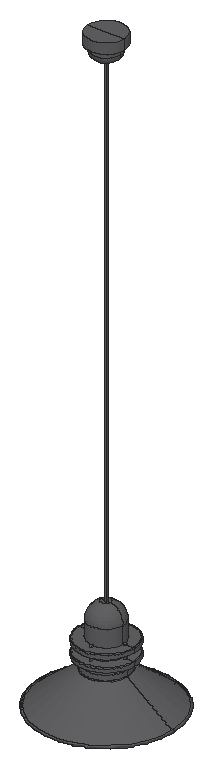
Revit family "Orbitor 200w -16,18,20 MB", category Lighting Fixtures, Revit 2020
Family settings
  Round Connector Dimension = Use Diameter
  Part Type = Normal
  OmniClass Number = 23.80.70.00
  OmniClass Title = Lighting
  Work Plane-Based = No
  Always vertical = Yes
  Cut with Voids When Loaded = No
  Light Source = Yes
  Shared = No
  Room Calculation Point = No
Parameters (values of type "ORB220")
  Weight = "3.5 lbs"
  Wattage Comments = "200W Max"
  Wattage = 2.4 W
  Warranty = "5 year limited warranty"  # constant formula
  built-in parameter 1150110 = 1 (stored number, unit not read)
  Voltage = 277 V
  URL = "https://www.anplighting.com/assets/Uploads/product-attachments/specification-sheets/ANP-Specification-Sheet-RLM-MB-ORB220.pdf"
  built-in parameter 1114217 = 1 (stored number, unit not read)
  Tilt Angle = 90.00°
  built-in parameter 1150109 = 1 (stored number, unit not read)
  built-in parameter 1150134 = 12
  built-in parameter 1150113 = 1 (stored number, unit not read)
  ORB220 = yes
  ORB218 = no
  ORB216 = no
  Mounting Option [instance] = 1
  Power Factor = 1
  Post Mount [instance] = Mounting Option = 5  # no
  Placement X axis side [instance] = if(Post Mount, 2' 2 15/32", if(Cord or Stem Mount, 0' 0", if(E36 20 inch, 1' 8 1/4", if(E 6 26 inch, 2' 2", if(E7 41 inch, 3' 5 1/4", 0' 1")))))  # 0' - 0"
  Photometric Web File = "ORB220CLM024LDDW40K.IES"
  Model = "ORB220"
  Manufacturer = "ANP Lighting"  # constant formula
  built-in parameter 1150105 = 238.73 (stored number, unit not read)
  Lumens = 3000 lm
  built-in parameter 1150115 = 1 (stored number, unit not read)
  Load Classification = Lighting
  Light Source Height [instance] = 0' - 11"
  built-in parameter 1150137 = (empty or 0)
  built-in parameter 1150139 = (empty or 0)
  Light Elevation _2 [instance] = if(Post Mount, 0' 0.66142", if(E7 41 inch, 0' 0.66142", if(E36 20 inch, 0' 1.65748", if(E 6 26 inch, 0' 1.53543", if(Cord or Stem Mount, (0' 4.3622" + Cord Length), 0' 0")))))  # 6' - 4.3622"
  Light Elevation _1 [instance] = if(Post Mount, 0' 0", if(E7 41 inch, 0' 0", if(E36 20 inch, 0' 1", if(E 6 26 inch, 0' 0.87402", if(Cord or Stem Mount, (0' 3.66142" + Cord Length), 0' 0")))))  # 6' - 3.66142"
  Light Elevation [instance] = if(Post Mount, 14' 0.5315", if(E7 41 inch, 0' 0", 0' 0"))  # 0' - 0"
  Life = "L70 50,000 hours"  # constant formula
  built-in parameter 1150112 = 1 (stored number, unit not read)
  built-in parameter 1150114 = 1 (stored number, unit not read)
  Lamp = "LED"
  built-in parameter 1150132 = 2
  built-in parameter 1150102 = (empty or 0)
  built-in parameter 1150107 = 4000 (stored number, unit not read)
  built-in parameter 1150138 = (empty or 0)
  built-in parameter 1150106 = 2.3873 (stored number, unit not read)
  INSIDE BODY = INSIDE BODY
  Fixture Height = 1' - 2 1/8"
  Fixture Diameter = 1' - 8"
  Efficiency = "65-125 lumens per watt"  # constant formula
  built-in parameter 1150104 = 116.13 (stored number, unit not read)
  E7 41 inch [instance] = Mounting Option = 4  # no
  E36 20 inch [instance] = Mounting Option = 3  # no
  E 6 26 inch [instance] = Mounting Option = 2  # no
  Dimming Lamp Color Temperature Shift = <None>
  Dimming = "1%"  # constant formula
  Description = "120-277 Voltage"  # constant formula
  Default Elevation = 0' - 0"
  Cord or Stem Mount [instance] = Mounting Option = 1  # yes
  Cord Length option [instance] = 0
  Cord Length [instance] = if([2' Cord], 2' 0", if([4' Cord], 4' 0", if([8' Cord], 8' 0", if([10' Cord], 10' 0", if([6' Cord], 6' 0", 6' 0")))))  # 6' - 0"
  Construction Material = "Heavy Duty spun aluminum."  # constant formula
  Color Filter = 16777215
  CRI = ">90"  # constant formula
  Body Material = body
  Body Colour = "Spun aluminium"  # constant formula
  built-in parameter 1114218 = 1 (stored number, unit not read)
  built-in parameter 1150133 = 10 (stored number, unit not read)
  Apparent Load = 200 VA
  8' Cord [instance] = Cord Length option = 8  # no
  6' Cord [instance] = Cord Length option = 6  # no
  4' Cord [instance] = Cord Length option = 4  # no
  2' Cord [instance] = Cord Length option = 2  # no
  10' Cord [instance] = Cord Length option = 10  # no
Reference planes (in)
  plane 1 "Light Source Axis (F/B)": y = 0
  plane 2: z = 0
  plane 3 "Light Source Axis (L/R)": x = 0
  plane 4 "Light Source Elevation": z = 0
  plane 5: z = 0
  plane 6: x = 0
  plane 7 "Bulb Position": z = -76.3622
  plane 8 "Canopy Position": z = -75.66142
  plane 9 "IES": z = -87.3622
Dimensions and locks (in)
  "Light Elevation": plane 5 to plane 2
  "Placement X axis side": plane 6 to plane 3 "Light Source Axis (L/R)"
  "Light Elevation _2": plane 5 to plane 7 "Bulb Position"
  "Light Elevation _1": plane 5 to plane 8 "Canopy Position"
  "Light Source Height": plane 7 "Bulb Position" to plane 9 "IES"
  locked: plane 4 "Light Source Elevation" to plane 2
  aligned and locked: level to plane 2
  aligned and locked: plane 1 "Light Source Axis (F/B)" to nested 5
  aligned and locked: nested 5 to plane 2
  aligned and locked: nested 1 to plane 3 "Light Source Axis (L/R)"
  aligned and locked: plane 3 "Light Source Axis (L/R)" to nested 2
  aligned and locked: plane 3 "Light Source Axis (L/R)" to nested 4
  aligned and locked: nested 3 to plane 5
  aligned and locked: plane 3 "Light Source Axis (L/R)" to nested 3
  aligned and locked: plane 3 "Light Source Axis (L/R)" to nested 5
  aligned and locked: plane 1 "Light Source Axis (F/B)" to nested 2
  aligned and locked: plane 1 "Light Source Axis (F/B)" to nested 1
  aligned and locked: plane 1 "Light Source Axis (F/B)" to nested 4
  aligned and locked: plane 1 "Light Source Axis (F/B)" to nested 3
  aligned and locked: plane 2 to nested 1
  aligned and locked: plane 2 to nested 2
  aligned and locked: nested 4 to plane 2
  aligned and locked: imposter light to plane 9 "IES"
  aligned and locked: imposter light to plane 6
  aligned and locked: nested 6 to plane 8 "Canopy Position"
  aligned and locked: nested 7 to plane 8 "Canopy Position"
  aligned and locked: nested 8 to plane 8 "Canopy Position"
  aligned and locked: nested 6 to plane 6
  aligned and locked: nested 7 to plane 6
  aligned and locked: nested 8 to plane 6
Nested families (in)
  nested 1: "CORD OR STEM MOUNT" at (0, 0, -75.67), visible <- "Cord or Stem Mount", Cord or Stem Mount <- "Cord or Stem Mount", Body Material <- "Body Material", Light Elevation <- "Light Elevation", Cord Length <- "Cord Length", 10' Cord <- "10' Cord", 2' Cord <- "2' Cord", 4' Cord <- "4' Cord", 6' Cord <- "6' Cord", 8' Cord <- "8' Cord", type "CORD OR STEM MOUNT"
    with Light Elevation 0' - 0", Cord or Stem Mount yes, Cord Length 6' - 0", Body Material body, 8' Cord no, 6' Cord no, 4' Cord no, 2' Cord no, 10' Cord no
  nested 2: "E6 26 INCH" at (0, 0, 0), visible <- "E 6 26 inch", Chain Length <- "Cord Length", E 6 26 inch <- "E 6 26 inch", Placement X axis side <- "Placement X axis side", Body Material <- "Body Material", Light Elevation <- "Light Elevation", type "E6 26 INCH"
    with Placement X axis side 0' - 0", Light Elevation 0' - 0", E 6 26 inch no, Chain Length 6' - 0", Body Material body
  nested 3: "E7 41 INCH" at (0, 0, 0), Chain Length <- "Cord Length", visible <- "E7 41 inch", E7 41 inch <- "E7 41 inch", Placement X axis side <- "Placement X axis side", Body Material <- "Body Material", Light Elevation <- "Light Elevation", type "E7 41 INCH"
    with Placement X axis side 0' - 0", Light Elevation 0' - 0", E7 41 inch no, Chain Length 6' - 0", Body Material body
  nested 4: "E36 20 INCH" at (0, 0, 0), visible <- "E36 20 inch", E36 20 inch <- "E36 20 inch", Placement X axis side <- "Placement X axis side", Chain Length <- "Cord Length", Body Material <- "Body Material", Light Elevation <- "Light Elevation", type "E36 20 INCH"
    with Placement X axis side 0' - 0", Light Elevation 0' - 0", E36 20 inch no, Chain Length 6' - 0", Body Material body
  nested 5: "POST MOUNT" at (0, 0, 0), visible <- "Post Mount", Post Mount <- "Post Mount", Placement X axis side <- "Placement X axis side", Chain Length <- "Cord Length", Body Material <- "Body Material", Light Elevation <- "Light Elevation", type "POST MOUNT"
    with Post Mount no, Placement X axis side 0' - 0", Light Elevation 0' - 0", Chain Length 6' - 0", Body Material body
  nested 6: "ORB216" at (0, 0, -75.66142), Light Elevation <- "Light Elevation", Body <- "Body Material", INSIDE BODY <- "INSIDE BODY", visible <- "ORB216", ORB216 <- "ORB216", type "ORB216"
    with ORB216 no, Light Elevation 0' - 0", INSIDE BODY INSIDE BODY, Bulb Bulb, Body body
  nested 7: "ORB218" at (0, 0, -75.66142), Light Elevation <- "Light Elevation", Body <- "Body Material", INSIDE BODY <- "INSIDE BODY", visible <- "ORB218", ORB218 <- "ORB218", type "ORB218"
    with ORB218 no, Light Elevation 0' - 0", INSIDE BODY INSIDE BODY, Bulb Bulb, Body body
  nested 8: "ORB220" at (0, 0, -75.66142), Light Elevation <- "Light Elevation", Body <- "Body Material", INSIDE BODY <- "INSIDE BODY", visible <- "ORB220", ORB220 <- "ORB220", type "ORB220"
    with ORB220 yes, Light Elevation 0' - 0", INSIDE BODY INSIDE BODY, Body body
Definition of nested family "CORD OR STEM MOUNT"
  Parameters (values of type "CORD OR STEM MOUNT")
    URL = ""
    Model = ""
    Manufacturer = ""
    Light Elevation [instance] = 1' - 7.69"
    Default Elevation = 0' - 0"
    Cord or Stem Mount [instance] = yes
    Cord Length [instance] = 6' - 0"
    Body Material [instance] = none
    8' Cord [instance] = no
    6' Cord [instance] = no
    4' Cord [instance] = no
    2' Cord [instance] = no
    10' Cord [instance] = no
  Reference planes (in)
    plane 1 "Light Source Axis (F/B)": y = 0
    plane 2: z = 0
    plane 3 "Light Source Axis (L/R)": x = 0
    plane 4 "Light Source Elevation": z = 23.125
    plane 5: z = 91.69
    plane 6: z = 19.69
  Forms (in)
    Extrusion 1, void, not visible
      sketch origin (0, 0, 2.38154) x (1, 0, 0) y (0, 0, 1)
        loop
          circle (0, 4.59925) r 0.16583
      from 1.18594 to 1.75
    Extrusion 2, void, not visible
      sketch origin (0, 0, 2.38154) x (0.707107, -0.707107, 0) y (0, 0, 1)
        loop
          circle (0, 4.59925) r 0.16583
      from 1.18594 to 1.75
    Extrusion 3, void, not visible
      sketch origin (0, 0, 2.38154) x (0.707107, 0.707107, 0) y (0, 0, 1)
        loop
          circle (0, 4.59925) r 0.16583
      from 1.18594 to 1.75
    Extrusion 4, void, not visible
      sketch origin (0, 0, 2.38154) x (0, 1, 0) y (0, 0, 1)
        loop
          circle (0, 4.59925) r 0.16583
      from 1.18594 to 1.75
    Extrusion 5, void, not visible
      sketch origin (0, 0, 2.38154) x (-0.707107, 0.707107, 0) y (0, 0, 1)
        loop
          circle (0, 4.59925) r 0.16583
      from 1.18594 to 1.75
    Extrusion 6, void, not visible
      sketch origin (0, 0, 2.38154) x (-1, 0, 0) y (0, 0, 1)
        loop
          circle (0, 4.59925) r 0.20678
      from 1.18594 to 1.75
    Extrusion 7, void, not visible
      sketch origin (0, 0, 2.38154) x (-0.707107, -0.707107, 0) y (0, 0, 1)
        loop
          circle (0, 4.59925) r 0.16583
      from 1.18594 to 1.75
    Extrusion 8, void, not visible
      sketch origin (0, 0, 2.38154) x (0, -1, 0) y (0, 0, 1)
        loop
          circle (0, 4.59925) r 0.16583
      from 1.18594 to 1.75
    Revolve 9, solid, material <- "Body Material", visible <- "Cord or Stem Mount"
      sketch origin (0, 0, 174.56698) x (1, 0, 0) y (0, 0, 1)
        loop
          line (2.6875, -79.20698) -> (0, -79.20698) -> (0, -82.87698) -> (0.125, -82.87698) -> (0.125, -82.83698) -> (0.75, -82.83698)
          arc (0.75, -82.83698) -> (0.81694, -82.77004) -> (0.75, -82.7031) r 0.06694
          line (0.75, -82.7031) -> (0.89763, -82.7031) -> (1.00223, -82.5985) -> (1.06587, -82.5985)
          arc (1.06587, -82.5985) -> (1.80099, -82.29401) -> (2.10549, -81.55888) r 1.03962
          line (2.10549, -81.55888) -> (2.10549, -81.03899)
          arc (2.10549, -81.03899) -> (2.12951, -80.981) -> (2.1875, -80.95698) r 0.08201
          line (2.1875, -80.95698) -> (2.1875, -80.70698) -> (2.6875, -80.70698) -> (2.6875, -79.20698)
        axis (0, -79.20698) -> (0, -82.87698)
      angle from 0 to 360
    Revolve 10, solid, material <- "Body Material", visible <- "Cord or Stem Mount"
      sketch origin (0, 0, 0) x (1, 0, 0) y (0, 0, 1)
        loop
          line (0, 91.69) -> (-0.125, 91.69) -> (-0.125, 19.69) -> (0, 19.69) -> (0, 91.69)
        axis (0, 19.69) -> (0, 91.69)
      angle from 0 to 360
  Dimensions and locks (in)
    "Light Elevation": plane 6 to plane 2
    "Cord Length": plane 5 to plane 6
    locked: Revolve 10 sketch curve to Revolve 10 sketch curve at 0.125
    aligned and locked: level to plane 2
    aligned and locked: Revolve 10 sketch curve to plane 3 "Light Source Axis (L/R)"
    aligned and locked: Revolve 10 sketch curve to plane 6
    aligned and locked: Revolve 10 sketch curve to plane 5
    aligned and locked: plane 3 "Light Source Axis (L/R)" to Revolve 10 sketch curve
  Automatic sketch dimensions
    Revolve 9 sketch curve to plane 3 "Light Source Axis (L/R)" = 0' - 0"  (x2)
    Revolve 9 sketch curve to plane 5 = 0' - 0"
    plane 3 "Light Source Axis (L/R)" to Revolve 9 sketch curve = 0' - 0 1/8"
    Revolve 9 sketch curve to plane 5 = 0' - 0.17388"
    Revolve 9 sketch curve to Revolve 9 sketch curve = 0' - 0 5/8"
    Revolve 9 sketch curve to Revolve 9 sketch curve = 0' - 0.14763"
    Revolve 9 sketch curve to plane 5 = 0' - 0.27847"
    Revolve 9 sketch curve to Revolve 9 sketch curve = 0' - 0.1046"
    Revolve 9 sketch curve to Revolve 9 sketch curve = 0' - 0.06364"
    Revolve 9 sketch curve to Revolve 9 sketch curve = 0' - 1.03962"
    Revolve 9 sketch curve to Revolve 9 sketch curve = 0' - 0 21/256"
    Revolve 9 sketch curve to Revolve 9 sketch curve = 0' - 0 1/2"  (x2)
    Revolve 9 sketch curve to Revolve 9 sketch curve = 0' - 0.51989"
    Revolve 9 sketch curve to Revolve 9 sketch curve = 0' - 0 1/4"
    Revolve 9 sketch curve to Revolve 9 sketch curve = 0' - 2.3519"
    Revolve 9 sketch curve to Revolve 9 sketch curve = 0' - 1 1/4"
    Revolve 9 sketch curve to Revolve 9 sketch curve = 0' - 0.04"
    Revolve 10 sketch curve to Revolve 10 sketch curve = 0' - 0 1/2"
    Revolve 10 sketch curve to Revolve 10 sketch curve = 0' - 0.42345"
Definition of nested family "ORB220"
  Parameters (values of type "ORB220")
    ORB220 [instance] = yes
    Light Elevation [instance] = 0' - 0"
    INSIDE BODY [instance] = none
    Default Elevation = 0' - 0"
    Body [instance] = none
  Reference planes (in)
    plane 1 "Center (Front/Back)": y = 0
    plane 2: z = 0
    plane 3 "Center (Left/Right)": x = 0
    plane 4: z = 0
  Dimensions and locks (in)
    "Light Elevation": plane 4 to plane 2
    aligned and locked: plane 2 to level
    aligned and locked: plane 3 "Center (Left/Right)" to nested 1
    aligned and locked: plane 1 "Center (Front/Back)" to nested 1
    aligned and locked: nested 1 to plane 4
  Nested families (in)
    nested 1: "ORB220-LED" at (0, 0, -14.20783), INSIDE BODY <- "INSIDE BODY", Body <- "Body", visible <- "ORB220", ORB220 <- "ORB220", type "ORB220-LED"
      with ORB220 yes, INSIDE BODY none, Body none
  Definition of nested family "ORB220-LED"
    Parameters (values of type "ORB220-LED")
      ORB220 [instance] = yes
      INSIDE BODY [instance] = none
      Default Elevation = 0' - 0"
      Body [instance] = none
    Reference planes (in)
      plane 1 "Center (Front/Back)": y = 0
      plane 2: z = 0
      plane 3 "Center (Left/Right)": x = 0
    Forms (in)
      Revolve 1, solid, material <- "Body", visible <- "ORB220"
        sketch origin (0, 0, -0.91709) x (1, 0, 0) y (0, 0, 1)
          loop
            arc (-0.73351, 15.12492) -> (-2.01045, 14.22092) -> (-2.5, 12.73495) r 2.5
            line (-2.5, 12.73495) -> (-2.5, 10.11006)
            arc (-2.5, 10.11006) -> (-2.53661, 10.02167) -> (-2.625, 9.98506) r 0.125
            line (-2.625, 9.98506) -> (-3.0625, 9.98506)
            arc (-3.0625, 9.98506) -> (-3.15089, 9.94845) -> (-3.1875, 9.86006) r 0.125
            line (-3.1875, 9.86006) -> (-3.1875, 9.36006) -> (-3.1075, 9.36006) -> (-3.1075, 9.86006)
            arc (-3.1075, 9.86006) -> (-3.09432, 9.89188) -> (-3.0625, 9.90506) r 0.045
            line (-3.0625, 9.90506) -> (-2.625, 9.90506)
            arc (-2.625, 9.90506) -> (-2.48004, 9.9651) -> (-2.42, 10.11006) r 0.205
            line (-2.42, 10.11006) -> (-2.42, 12.73495)
            arc (-2.42, 12.73495) -> (-1.93222, 14.19198) -> (-0.6655, 15.06165) r 2.42
            line (-0.6655, 15.06165) -> (-0.07218, 15.06165) -> (-0.07218, 15.12492) -> (-0.73351, 15.12492)
          axis (0, 15.12492) -> (0, 9.36006)
        angle from 0 to 360
      Revolve 2, solid, material <- "Body", visible <- "ORB220"
        sketch origin (0, 0, -0.91709) x (1, 0, 0) y (0, 0, 1)
          loop
            line (-2.5625, 10.31506) -> (-4.1075, 10.31506)
            arc (-4.1075, 10.31506) -> (-4.16407, 10.29163) -> (-4.1875, 10.23506) r 0.08
            line (-4.1875, 10.23506) -> (-4.1875, 9.69006) -> (-4.1075, 9.69006) -> (-4.1075, 10.23506) -> (-2.5625, 10.23506) -> (-2.5625, 10.31506)
          axis (0, 10.31506) -> (0, 9.69006)
        angle from 0 to 360
      Revolve 3, solid, material <- "Body", visible <- "ORB220"
        sketch origin (0, 0, -0.91709) x (1, 0, 0) y (0, 0, 1)
          loop
            line (-2.5625, 9.98506) -> (-2.5625, 10.11006) -> (-2.5625, 10.23506) -> (-4, 10.23506) -> (-4, 10.11006) -> (-4, 9.98506) -> (-2.5625, 9.98506)
          axis (0, 10.23506) -> (0, 9.98506)
        angle from 0 to 360
      Revolve 4, solid, material <- "Body", visible <- "ORB220"
        sketch origin (0, 0, -0.91709) x (1, 0, 0) y (0, 0, 1)
          loop
            line (-1.5, 9.90506) -> (-3.0625, 9.90506) -> (-3.0625, 9.78006) -> (-1.5, 9.78006) -> (-1.5, 9.90506)
          axis (0, 9.90506) -> (0, 9.78006)
        angle from 0 to 360
      Revolve 5, solid, material <- "Body", visible <- "ORB220"
        sketch origin (0, 0, -0.91709) x (1, 0, 0) y (0, 0, 1)
          loop
            line (-1.25, 9.78006) -> (-2.5, 9.78006) -> (-2.5, 9.03006) -> (-2.4375, 9.03006) -> (-2.4375, 8.53006) -> (-2.1875, 8.53006) -> (-2.1875, 9.59256) -> (-1.25, 9.59256) -> (-1.25, 9.78006)
          axis (0, 9.78006) -> (0, 8.53006)
        angle from 0 to 360
      Revolve 6, solid, material <- "Body", visible <- "ORB220"
        sketch origin (0, 0, -0.91709) x (1, 0, 0) y (0, 0, 1)
          loop
            line (-2.5625, 8.53006) -> (-4.1075, 8.53006)
            arc (-4.1075, 8.53006) -> (-4.16407, 8.50663) -> (-4.1875, 8.45006) r 0.08
            line (-4.1875, 8.45006) -> (-4.1875, 7.90506) -> (-4.1075, 7.90506) -> (-4.1075, 8.45006) -> (-2.5625, 8.45006) -> (-2.5625, 8.53006)
          axis (0, 8.53006) -> (0, 7.90506)
        angle from 0 to 360
      Revolve 7, solid, material <- "Body", visible <- "ORB220"
        sketch origin (0, 0, -0.91709) x (1, 0, 0) y (0, 0, 1)
          loop
            arc (-2.8125, 10.49006) -> (-2.92183, 10.45978) -> (-3, 10.37756) r 0.2125
            line (-3, 10.37756) -> (-3, 10.31506) -> (-2.8125, 10.31506) -> (-2.8125, 10.49006)
          loop
            line (-2.9375, 9.78006) -> (-3, 9.78006) -> (-3, 8.53006) -> (-2.9375, 8.53006) -> (-2.9375, 9.78006)
          loop
            line (-2.9375, 8.45006) -> (-3, 8.45006) -> (-3, 7.20006) -> (-2.9375, 7.20006) -> (-2.9375, 8.45006)
          axis (-2.8125, 10.49006) -> (-2.8125, 7.20006)
        angle from 0 to 360
      Revolve 8, solid, material <- "Body", visible <- "ORB220"
        sketch origin (0, 0, -0.91709) x (-1, 0, 0) y (0, 0, 1)
          loop
            arc (-2.8125, 10.49006) -> (-2.92183, 10.45978) -> (-3, 10.37756) r 0.2125
            line (-3, 10.37756) -> (-3, 10.31506) -> (-2.8125, 10.31506) -> (-2.8125, 10.49006)
          loop
            line (-2.9375, 9.78006) -> (-3, 9.78006) -> (-3, 8.53006) -> (-2.9375, 8.53006) -> (-2.9375, 9.78006)
          loop
            line (-2.9375, 8.45006) -> (-3, 8.45006) -> (-3, 7.20006) -> (-2.9375, 7.20006) -> (-2.9375, 8.45006)
          axis (-2.8125, 10.49006) -> (-2.8125, 7.20006)
        angle from 0 to 360
      Revolve 9, solid, material <- "Body", visible <- "ORB220"
        sketch origin (0, 0, -0.91709) x (0, 1, 0) y (0, 0, 1)
          loop
            arc (-2.8125, 10.49006) -> (-2.92183, 10.45978) -> (-3, 10.37756) r 0.2125
            line (-3, 10.37756) -> (-3, 10.31506) -> (-2.8125, 10.31506) -> (-2.8125, 10.49006)
          loop
            line (-2.9375, 9.78006) -> (-3, 9.78006) -> (-3, 8.53006) -> (-2.9375, 8.53006) -> (-2.9375, 9.78006)
          loop
            line (-2.9375, 8.45006) -> (-3, 8.45006) -> (-3, 7.20006) -> (-2.9375, 7.20006) -> (-2.9375, 8.45006)
          axis (-2.8125, 10.49006) -> (-2.8125, 7.20006)
        angle from 0 to 360
      Revolve 10, solid, material <- "Body", visible <- "ORB220"
        sketch origin (0, 0, -0.91709) x (0, -1, 0) y (0, 0, -1)
          loop
            line (-2.8125, -10.49006) -> (-2.8125, -10.31506) -> (-3, -10.31506) -> (-3, -10.37756)
            arc (-3, -10.37756) -> (-2.92183, -10.45978) -> (-2.8125, -10.49006) r 0.2125
          loop
            line (-2.9375, -9.78006) -> (-2.9375, -8.53006) -> (-3, -8.53006) -> (-3, -9.78006) -> (-2.9375, -9.78006)
          loop
            line (-2.9375, -8.45006) -> (-2.9375, -7.20006) -> (-3, -7.20006) -> (-3, -8.45006) -> (-2.9375, -8.45006)
          axis (-2.8125, -10.49006) -> (-2.8125, -7.20006)
        angle from 0 to 360
      Revolve 11, solid, material <- "Body", visible <- "ORB220"
        sketch origin (0, 0, -4.5) x (1, 0, 0) y (0, 0, 1)
          loop
            line (-2.5625, 10.70298) -> (-2.5625, 10.78298) -> (-3.0625, 10.78298)
            arc (-3.0625, 10.78298) -> (-3.15089, 10.74636) -> (-3.1875, 10.65798) r 0.125
            line (-3.1875, 10.65798) -> (-3.1875, 9.9182)
            arc (-3.1875, 9.9182) -> (-3.20446, 9.85534) -> (-3.25072, 9.80953) r 0.125
            line (-3.25072, 9.80953) -> (-9.81976, 4.74349)
            arc (-9.81976, 4.74349) -> (-9.91861, 4.79633) -> (-9.8475, 4.88298) r 0.0725
            line (-9.8475, 4.88298) -> (-9.8475, 4.96298)
            arc (-9.8475, 4.96298) -> (-10, 4.81048) -> (-9.8475, 4.65798) r 0.1525
            arc (-9.8475, 4.65798) -> (-9.81775, 4.66091) -> (-9.78914, 4.66958) r 0.1525
            line (-9.78914, 4.66958) -> (-3.20527, 9.74348)
            arc (-3.20527, 9.74348) -> (-3.1336, 9.81809) -> (-3.1075, 9.9182) r 0.205
            line (-3.1075, 9.9182) -> (-3.1075, 10.65798)
            arc (-3.1075, 10.65798) -> (-3.09432, 10.68979) -> (-3.0625, 10.70298) r 0.045
            line (-3.0625, 10.70298) -> (-2.5625, 10.70298)
          axis (0, 10.78298) -> (0, 4.65798)
        angle from 0 to 360
      Revolve 12, solid, material <- "INSIDE BODY", visible <- "ORB220"
        sketch origin (0, 0, 0) x (1, 0, 0) y (0, 0, 1)
          loop
            line (3.20527, 5.24348) -> (3.04145, 5.24348) -> (9.52842, 0.2443) -> (9.69224, 0.2443) -> (3.20527, 5.24348)
          axis (0, 0.2443) -> (0, 5.24348)
        angle from 0 to 360
    Dimensions and locks (in)
      aligned and locked: plane 2 to level
Definition of nested family "E6 26 INCH"
  Parameters (values of type "E6 26 INCH")
    URL = ""
    Placement X axis side [instance] = 2' - 2"
    Model = ""
    Manufacturer = ""
    Light Elevation [instance] = 8' - 4"
    E 6 26 inch [instance] = yes
    Default Elevation = 0' - 0"
    Chain Length [instance] = 0' - 0"
    Body Material [instance] = none
  Reference planes (in)
    plane 1 "Light Source Axis (F/B)": y = 0
    plane 2: z = 0
    plane 3 "Light Source Axis (L/R)": x = 0
    plane 4 "Light Source Elevation": z = 23.125
    plane 5: z = 100
    plane 6: x = -26
    plane 7: z = 99.125
    plane 8: x = -24.12
    plane 9: x = -25.5474
  Forms (in)
    Extrusion 1, void, not visible
      sketch origin (0, 0, 2.38154) x (1, 0, 0) y (0, 0, 1)
        loop
          circle (0, 4.59925) r 0.16583
      from 1.18594 to 1.75
    Extrusion 2, void, not visible
      sketch origin (0, 0, 2.38154) x (0.707107, -0.707107, 0) y (0, 0, 1)
        loop
          circle (0, 4.59925) r 0.16583
      from 1.18594 to 1.75
    Extrusion 3, void, not visible
      sketch origin (0, 0, 2.38154) x (0.707107, 0.707107, 0) y (0, 0, 1)
        loop
          circle (0, 4.59925) r 0.16583
      from 1.18594 to 1.75
    Extrusion 4, void, not visible
      sketch origin (0, 0, 2.38154) x (0, 1, 0) y (0, 0, 1)
        loop
          circle (0, 4.59925) r 0.16583
      from 1.18594 to 1.75
    Extrusion 5, void, not visible
      sketch origin (0, 0, 2.38154) x (-0.707107, 0.707107, 0) y (0, 0, 1)
        loop
          circle (0, 4.59925) r 0.16583
      from 1.18594 to 1.75
    Extrusion 6, void, not visible
      sketch origin (0, 0, 2.38154) x (-1, 0, 0) y (0, 0, 1)
        loop
          circle (0, 4.59925) r 0.20678
      from 1.18594 to 1.75
    Extrusion 7, void, not visible
      sketch origin (0, 0, 2.38154) x (-0.707107, -0.707107, 0) y (0, 0, 1)
        loop
          circle (0, 4.59925) r 0.16583
      from 1.18594 to 1.75
    Extrusion 8, void, not visible
      sketch origin (0, 0, 2.38154) x (0, -1, 0) y (0, 0, 1)
        loop
          circle (0, 4.59925) r 0.16583
      from 1.18594 to 1.75
    Sweep 9, solid, material <- "Body Material", visible <- "E 6 26 inch"
      path origin (-41.25, 0, 168.51693) x (1, 0, 0) y (0, 0, 1)
        loop
          line (17.13, -68.51693) -> (27.68551, -68.51693)
          arc (27.68551, -68.51693) -> (28.47996, -68.34486) -> (29.13202, -67.8595) r 1.92004
          line (29.13202, -67.8595) -> (34.23651, -62.01155)
          arc (34.23651, -62.01155) -> (38.65464, -60.89667) -> (41.25, -64.64193) r 4
          line (41.25, -64.64193) -> (41.25, -69.39193)
      profile origin (-18.84224, 0, 100) x (0, 0, 1) y (0, -1, 0)
        loop
          circle (0, 0) r 0.5
    Revolve 10, solid, material <- "Body Material", visible <- "E 6 26 inch"
      sketch origin (-26, 0, 168.51693) x (1, 0, 0) y (0, 0, 1)
        loop
          line (0, -66.07943) -> (0, -68.51693) -> (1.88, -68.51693) -> (1.88, -67.69272) -> (0.4526, -67.69272) -> (0.4526, -66.54122) -> (0.33125, -66.54122) -> (0.33125, -66.07943) -> (0, -66.07943)
        axis (0, -68.51693) -> (1.88, -68.51693)
      angle from 0 to 360
    Extrusion 11, solid, material <- "Body Material", visible <- "E 6 26 inch"
      sketch origin (-26, 0, 168.51693) x (0, -1, 0) y (0, 0, -1)
        loop
          line (0.25, 68.51693) -> (0.25, 69.51693) -> (-0.25, 69.51693) -> (-0.25, 68.51693) -> (0.25, 68.51693)
      from 0.4526 to 1.88
  Cuts and joins
    joined: Revolve 10, Extrusion 11
  Dimensions and locks (in)
    "Light Elevation": plane 5 to plane 2
    "Placement X axis side": plane 3 "Light Source Axis (L/R)" to plane 6
    locked: plane 5 to plane 7 at 0.875
    Revolve 10 sketch curve to Revolve 10 sketch curve to Revolve 10 sketch curve to plane 6 = 0' - 1.4274" locked, 0' - 0.12135" locked, 0' - 0.33125" locked
    Revolve 10 sketch curve to Revolve 10 sketch curve to Revolve 10 sketch curve to plane 5 = 0' - 0.46179" locked, 0' - 1.1515" locked, 0' - 0 211/256" locked
    locked: Sweep 9 sketch curve to plane 6 at 1.88
    locked: Sweep 9 sketch curve to Sweep 9 sketch curve at 10.55551
    locked: Sweep 9 sketch curve to Sweep 9 sketch curve at 13.56449
    locked: Sweep 9 sketch curve to Sweep 9 sketch curve at 4.75
    locked: plane 9 to plane 6 at 0.4526
    locked: plane 8 to plane 9 at 1.4274
    aligned and locked: level to plane 2
    aligned and locked: Revolve 10 sketch curve to plane 6
    aligned and locked: plane 5 to Revolve 10 sketch curve
    aligned and locked: Revolve 10 sketch curve to plane 5
    aligned and locked: cut or joined group of Revolve 10, Extrusion 11 to plane 9
    aligned and locked: plane 8 to cut or joined group of Revolve 10, Extrusion 11
  Automatic sketch dimensions
    Sweep 9 sketch curve to plane 5 = 0' - 0"
    Sweep 9 sketch curve to Sweep 9 sketch curve = 0' - 4"
    Sweep 9 sketch curve to Sweep 9 sketch curve = 0' - 3.01349"
    plane 5 to Sweep 9 sketch curve = 0' - 0.65743"
    Sweep 9 sketch curve to Sweep 9 sketch curve = 0' - 1.4465"
    Sweep 9 sketch curve to plane 5 = 0' - 0 7/8"
    profile plane to Sweep 9 sketch curve = 0' - 0"
    Sweep 9 sketch curve to profile plane = 0' - 0"
    plane 6 to Revolve 10 sketch curve = 0' - 0.62562"
    Revolve 10 sketch curve to Revolve 10 sketch curve = 0' - 0 1/2"
    Extrusion 11 sketch curve to plane 5 = 0' - 0"
    plane 1 "Light Source Axis (F/B)" to Extrusion 11 sketch curve = 0' - 0 1/4"
    Extrusion 11 sketch curve to plane 1 "Light Source Axis (F/B)" = 0' - 0 1/4"
    plane 5 to Extrusion 11 sketch curve = 0' - 1"
    radius of Sweep 9 sketch curve = 0' - 0 1/2"
Definition of nested family "E7 41 INCH"
  Parameters (values of type "E7 41 INCH")
    URL = ""
    Placement X axis side [instance] = 4' - 2"
    Model = ""
    Manufacturer = ""
    Light Elevation [instance] = 8' - 4"
    E7 41 inch [instance] = yes
    Default Elevation = 0' - 0"
    Chain Length [instance] = 0' - 0"
    Body Material [instance] = none
  Reference planes (in)
    plane 1 "Light Source Axis (F/B)": y = 0
    plane 2: z = 0
    plane 3 "Light Source Axis (L/R)": x = 0
    plane 4 "Light Source Elevation": z = 23.125
    plane 5: z = 100
    plane 6: x = -50
  Forms (in)
    Extrusion 1, void, not visible
      sketch origin (0, 0, 2.38154) x (1, 0, 0) y (0, 0, 1)
        loop
          circle (0, 4.59925) r 0.16583
      from 1.18594 to 1.75
    Extrusion 2, void, not visible
      sketch origin (0, 0, 2.38154) x (0.707107, -0.707107, 0) y (0, 0, 1)
        loop
          circle (0, 4.59925) r 0.16583
      from 1.18594 to 1.75
    Extrusion 3, void, not visible
      sketch origin (0, 0, 2.38154) x (0.707107, 0.707107, 0) y (0, 0, 1)
        loop
          circle (0, 4.59925) r 0.16583
      from 1.18594 to 1.75
    Extrusion 4, void, not visible
      sketch origin (0, 0, 2.38154) x (0, 1, 0) y (0, 0, 1)
        loop
          circle (0, 4.59925) r 0.16583
      from 1.18594 to 1.75
    Extrusion 5, void, not visible
      sketch origin (0, 0, 2.38154) x (-0.707107, 0.707107, 0) y (0, 0, 1)
        loop
          circle (0, 4.59925) r 0.16583
      from 1.18594 to 1.75
    Extrusion 6, void, not visible
      sketch origin (0, 0, 2.38154) x (-1, 0, 0) y (0, 0, 1)
        loop
          circle (0, 4.59925) r 0.20678
      from 1.18594 to 1.75
    Extrusion 7, void, not visible
      sketch origin (0, 0, 2.38154) x (-0.707107, -0.707107, 0) y (0, 0, 1)
        loop
          circle (0, 4.59925) r 0.16583
      from 1.18594 to 1.75
    Extrusion 8, void, not visible
      sketch origin (0, 0, 2.38154) x (0, -1, 0) y (0, 0, 1)
        loop
          circle (0, 4.59925) r 0.16583
      from 1.18594 to 1.75
    Revolve 9, solid, material <- "Body Material", visible <- "E7 41 inch"
      sketch origin (-41.25, 0, 168.39193) x (1, 0, 0) y (0, 0, 1)
        loop
          line (-8.75, -66.20443) -> (-8.75, -68.51693) -> (-6.87, -68.51693) -> (-6.87, -67.69272) -> (-8.2974, -67.69272) -> (-8.2974, -66.54122) -> (-8.41875, -66.54122) -> (-8.41875, -66.20443) -> (-8.75, -66.20443)
        axis (-8.75, -68.51693) -> (-6.87, -68.51693)
      angle from 0 to 360
    Extrusion 10, solid, material <- "Body Material", visible <- "E7 41 inch"
      sketch origin (-41.25, 0, 168.39193) x (0, -1, 0) y (0, 0, -1)
        loop
          line (0.25, 68.51693) -> (0.25, 69.51693) -> (-0.25, 69.51693) -> (-0.25, 68.51693) -> (0.25, 68.51693)
      from -8.2974 to -6.87
    Sweep 11, solid, material <- "Body Material", visible <- "E7 41 inch"
      path origin (-41.25, 0, 168.39193) x (1, 0, 0) y (0, 0, 1)
        loop
          line (-6.87, -68.51693) -> (16.04011, -68.51693)
          arc (16.04011, -68.51693) -> (17.864, -68.13651) -> (19.38375, -67.0587) r 4.5625
          line (19.38375, -67.0587) -> (24.70217, -61.33018)
          arc (24.70217, -61.33018) -> (29.64465, -60.20324) -> (32.5, -64.39193) r 4.5
          line (32.5, -64.39193) -> (32.5, -68.39193)
      profile origin (-36.66494, 0, 99.875) x (0, 0, 1) y (0, -1, 0)
        loop
          circle (0, 0) r 0.5
  Dimensions and locks (in)
    "Placement X axis side": plane 3 "Light Source Axis (L/R)" to plane 6
    "Light Elevation": plane 5 to plane 2
    locked: Revolve 9 sketch curve to Revolve 9 sketch curve at 0.33125
    locked: Revolve 9 sketch curve to Revolve 9 sketch curve at 0.4526
    locked: Revolve 9 sketch curve to Revolve 9 sketch curve at 1.88
    locked: Revolve 9 sketch curve to Revolve 9 sketch curve at 0.82421
    locked: Revolve 9 sketch curve to Revolve 9 sketch curve at 1.1515
    locked: Revolve 9 sketch curve to Revolve 9 sketch curve at 0.33679
    locked: plane 5 to Revolve 9 sketch curve at 0.125
    locked: Extrusion 10 sketch curve to Extrusion 10 sketch curve at 0.5
    locked: Extrusion 10 sketch curve to Extrusion 10 sketch curve at 1
    locked: plane 5 to Extrusion 10 sketch curve at 0.125
    locked: plane 5 to Sweep 11 sketch curve at 0.125
    locked: Sweep 11 sketch curve to Sweep 11 sketch curve at 39.37
    locked: Sweep 11 sketch curve to Sweep 11 sketch curve at 4
    locked: plane 6 to Extrusion 10 at 0.4526
    locked: Sweep 11 sketch curve to plane 6 at 1.88
    locked: Extrusion 10 to Extrusion 10 at 1.4274
    aligned and locked: plane 2 to level
    aligned and locked: Revolve 9 sketch curve to plane 6
  Automatic sketch dimensions
    Revolve 9 sketch curve to plane 5 = 0' - 0 1/8"
    plane 6 to Revolve 9 sketch curve = 0' - 0.62562"
    Revolve 9 sketch curve to Revolve 9 sketch curve = 0' - 0 1/2"
    plane 1 "Light Source Axis (F/B)" to Extrusion 10 sketch curve = 0' - 0 1/4"
    Sweep 11 sketch curve to plane 5 = 0' - 0"
    Sweep 11 sketch curve to Sweep 11 sketch curve = 0' - 4 1/2"
    Sweep 11 sketch curve to Sweep 11 sketch curve = 0' - 3.29783"
    plane 5 to Sweep 11 sketch curve = 0' - 1.33323"
    Sweep 11 sketch curve to Sweep 11 sketch curve = 0' - 5.31842"
    Sweep 11 sketch curve to Sweep 11 sketch curve = 0' - 3.34364"
    profile plane to Sweep 11 sketch curve = 0' - 0"
    Sweep 11 sketch curve to profile plane = 0' - 0"
    radius of Sweep 11 sketch curve = 0' - 0 1/2"
Definition of nested family "E36 20 INCH"
  Parameters (values of type "E36 20 INCH")
    URL = ""
    Placement X axis side [instance] = 1' - 8 1/4"
    Model = ""
    Manufacturer = ""
    Light Elevation [instance] = 8' - 4"
    E36 20 inch [instance] = yes
    Default Elevation = 0' - 0"
    Chain Length [instance] = 0' - 0"
    Body Material [instance] = none
  Reference planes (in)
    plane 1 "Light Source Axis (F/B)": y = 0
    plane 2: z = 0
    plane 3 "Light Source Axis (L/R)": x = 0
    plane 4 "Light Source Elevation": z = 23.125
    plane 5: z = 99
    plane 6: x = -20.25
    plane 7: z = 100
    plane 8: x = -18.37008
    plane 9: x = -19.79724
  Forms (in)
    Extrusion 1, void, not visible
      sketch origin (0, 0, 2.38154) x (1, 0, 0) y (0, 0, 1)
        loop
          circle (0, 4.59925) r 0.16583
      from 1.18594 to 1.75
    Extrusion 2, void, not visible
      sketch origin (0, 0, 2.38154) x (0.707107, -0.707107, 0) y (0, 0, 1)
        loop
          circle (0, 4.59925) r 0.16583
      from 1.18594 to 1.75
    Extrusion 3, void, not visible
      sketch origin (0, 0, 2.38154) x (0.707107, 0.707107, 0) y (0, 0, 1)
        loop
          circle (0, 4.59925) r 0.16583
      from 1.18594 to 1.75
    Extrusion 4, void, not visible
      sketch origin (0, 0, 2.38154) x (0, 1, 0) y (0, 0, 1)
        loop
          circle (0, 4.59925) r 0.16583
      from 1.18594 to 1.75
    Extrusion 5, void, not visible
      sketch origin (0, 0, 2.38154) x (-0.707107, 0.707107, 0) y (0, 0, 1)
        loop
          circle (0, 4.59925) r 0.16583
      from 1.18594 to 1.75
    Extrusion 6, void, not visible
      sketch origin (0, 0, 2.38154) x (-1, 0, 0) y (0, 0, 1)
        loop
          circle (0, 4.59925) r 0.20678
      from 1.18594 to 1.75
    Extrusion 7, void, not visible
      sketch origin (0, 0, 2.38154) x (-0.707107, -0.707107, 0) y (0, 0, 1)
        loop
          circle (0, 4.59925) r 0.16583
      from 1.18594 to 1.75
    Extrusion 8, void, not visible
      sketch origin (0, 0, 2.38154) x (0, -1, 0) y (0, 0, 1)
        loop
          circle (0, 4.59925) r 0.16583
      from 1.18594 to 1.75
    Sweep 9, solid, material <- "Body Material", visible <- "E36 20 inch"
      path origin (-41.25, 0, 169.51693) x (1, 0, 0) y (0, 0, 1)
        loop
          line (22.88, -69.51693) -> (28.93827, -69.51693)
          arc (28.93827, -69.51693) -> (29.97705, -69.28152) -> (30.81284, -68.62128) r 2.40953
          line (30.81284, -68.62128) -> (34.13807, -64.50378)
          arc (34.13807, -64.50378) -> (38.58272, -63.24548) -> (41.25, -67.01693) r 4
          line (41.25, -67.01693) -> (41.25, -70.51693)
      profile origin (-15.34086, 0, 100) x (0, 0, 1) y (0, -1, 0)
        loop
          circle (0, 0) r 0.5
    Revolve 10, solid, material <- "Body Material", visible <- "E36 20 inch"
      sketch origin (-20.25, 0, 169.51693) x (1, 0, 0) y (0, 0, 1)
        loop
          line (0, -67.20443) -> (0, -69.51693) -> (1.88, -69.51693) -> (1.88, -68.69272) -> (0.4526, -68.69272) -> (0.4526, -67.54122) -> (0.33125, -67.54122) -> (0.33125, -67.20443) -> (0, -67.20443)
        axis (0, -69.51693) -> (1.88, -69.51693)
      angle from 0 to 360
    Extrusion 11, solid, material <- "Body Material", visible <- "E36 20 inch"
      sketch origin (-20.25, 0, 169.51693) x (0, -1, 0) y (0, 0, -1)
        loop
          line (0.25, 69.51693) -> (0.25, 70.51693) -> (-0.25, 70.51693) -> (-0.25, 69.51693) -> (0.25, 69.51693)
      from 1.87992 to 0.45276
  Cuts and joins
    joined: Revolve 10, Extrusion 11
  Dimensions and locks (in)
    "Light Elevation": plane 7 to plane 2
    "Placement X axis side": plane 3 "Light Source Axis (L/R)" to plane 6
    locked: plane 7 to plane 5 at 1
    Revolve 10 sketch curve to Revolve 10 sketch curve to Revolve 10 sketch curve to plane 7 = 0' - 0.33679" locked, 0' - 1.1515" locked, 0' - 0 211/256" locked
    locked: Sweep 9 sketch curve to plane 6 at 1.88
    locked: Sweep 9 sketch curve to Sweep 9 sketch curve at 6.05827
    locked: Sweep 9 sketch curve to Sweep 9 sketch curve at 12.31173
    locked: Sweep 9 sketch curve to Sweep 9 sketch curve at 3.5
    Revolve 10 sketch curve to Revolve 10 sketch curve to Revolve 10 sketch curve to plane 6 = 0' - 1.4274" locked, 0' - 0.12135" locked, 0' - 0.33125" locked
    locked: plane 9 to plane 6 at 0.45276
    locked: plane 8 to plane 9 at 1.42717
    aligned and locked: level to plane 2
    aligned and locked: plane 7 to Revolve 10 sketch curve
    aligned and locked: Revolve 10 sketch curve to plane 7
    aligned and locked: Revolve 10 sketch curve to plane 6
    aligned and locked: cut or joined group of Revolve 10, Extrusion 11 to plane 9
    aligned and locked: plane 8 to cut or joined group of Revolve 10, Extrusion 11
  Automatic sketch dimensions
    Sweep 9 sketch curve to plane 7 = 0' - 0"
    Sweep 9 sketch curve to plane 5 = 0' - 0"
    Sweep 9 sketch curve to Sweep 9 sketch curve = 0' - 4"
    Sweep 9 sketch curve to plane 7 = 0' - 0.89565"
    Sweep 9 sketch curve to Sweep 9 sketch curve = 0' - 3.32523"
    Sweep 9 sketch curve to Sweep 9 sketch curve = 0' - 1.87457"
    profile plane to Sweep 9 sketch curve = 0' - 0"
    Sweep 9 sketch curve to profile plane = 0' - 0"
    plane 6 to Revolve 10 sketch curve = 0' - 0.62562"
    Revolve 10 sketch curve to Revolve 10 sketch curve = 0' - 0 1/2"
    plane 7 to Extrusion 11 sketch curve = 0' - 0"
    Extrusion 11 sketch curve to plane 5 = 0' - 0"
    plane 1 "Light Source Axis (F/B)" to Extrusion 11 sketch curve = 0' - 0 1/4"
    Extrusion 11 sketch curve to plane 1 "Light Source Axis (F/B)" = 0' - 0 1/4"
    radius of Sweep 9 sketch curve = 0' - 0 1/2"
Definition of nested family "POST MOUNT"
  Parameters (values of type "POST MOUNT")
    URL = ""
    Post Mount [instance] = yes
    Placement X axis side [instance] = 2' - 2 1/2"
    Model = ""
    Manufacturer = ""
    Light Elevation [instance] = 14' - 0.5168"
    Default Elevation = 0' - 0"
    Chain Length [instance] = 0' - 0"
    Body Material [instance] = none
  Reference planes (in)
    plane 1 "Light Source Axis (F/B)": y = 0
    plane 2: z = 0
    plane 3 "Light Source Axis (L/R)": x = 0
    plane 4 "Light Source Elevation": z = 23.125
    plane 5: x = -26.5
    plane 6: z = 168.5168
  Forms (in)
    Extrusion 1, void, not visible
      sketch origin (0, 0, 2.38154) x (1, 0, 0) y (0, 0, 1)
        loop
          circle (0, 4.59925) r 0.16583
      from 1.18594 to 1.75
    Extrusion 2, void, not visible
      sketch origin (0, 0, 2.38154) x (0.707107, -0.707107, 0) y (0, 0, 1)
        loop
          circle (0, 4.59925) r 0.16583
      from 1.18594 to 1.75
    Extrusion 3, void, not visible
      sketch origin (0, 0, 2.38154) x (0.707107, 0.707107, 0) y (0, 0, 1)
        loop
          circle (0, 4.59925) r 0.16583
      from 1.18594 to 1.75
    Extrusion 4, void, not visible
      sketch origin (0, 0, 2.38154) x (0, 1, 0) y (0, 0, 1)
        loop
          circle (0, 4.59925) r 0.16583
      from 1.18594 to 1.75
    Extrusion 5, void, not visible
      sketch origin (0, 0, 2.38154) x (-0.707107, 0.707107, 0) y (0, 0, 1)
        loop
          circle (0, 4.59925) r 0.16583
      from 1.18594 to 1.75
    Extrusion 6, void, not visible
      sketch origin (0, 0, 2.38154) x (-1, 0, 0) y (0, 0, 1)
        loop
          circle (0, 4.59925) r 0.20678
      from 1.18594 to 1.75
    Extrusion 7, void, not visible
      sketch origin (0, 0, 2.38154) x (-0.707107, -0.707107, 0) y (0, 0, 1)
        loop
          circle (0, 4.59925) r 0.16583
      from 1.18594 to 1.75
    Extrusion 8, void, not visible
      sketch origin (0, 0, 2.38154) x (0, -1, 0) y (0, 0, 1)
        loop
          circle (0, 4.59925) r 0.16583
      from 1.18594 to 1.75
    Revolve 9, solid, material <- "Body Material", visible <- "Post Mount"
      sketch origin (-7.90508, 0, 0) x (1, 0, 0) y (0, 0, 1)
        loop
          line (-18.59492, 3.92912) -> (-16.29831, 3.92912) -> (-16.29831, 4.2668) -> (-16.91413, 4.2668) -> (-16.91413, 134.5168) -> (-17.16413, 134.5168) -> (-17.16413, 137.3918) -> (-17.05979, 137.3918)
          arc (-17.05979, 137.3918) -> (-16.93479, 137.5168) -> (-17.05979, 137.6418) r 0.125
          line (-17.05979, 137.6418) -> (-17.48032, 137.6418) -> (-17.48032, 139.0793) -> (-17.73032, 139.0793) -> (-17.73032, 139.5793) -> (-18.59492, 139.5793) -> (-18.59492, 3.92912)
        axis (-18.59492, 139.5793) -> (-18.59492, 3.92912)
      angle from 0 to 360
    Extrusion 10, solid, material <- "Body Material", visible <- "Post Mount"
      sketch origin (0, 0, 0) x (1, 0, 0) y (0, 1, 0)
        loop
          line (-20.5, 5.93079) -> (-32.5, 5.93079) -> (-32.5, -6.06921) -> (-20.5, -6.06921) -> (-20.5, 5.93079)
      from 0 to 3.92912
    Sweep 11, solid, material <- "Body Material", visible <- "Post Mount"
      path origin (0, 0, 48.5) x (1, 0, 0) y (0, 0, 1)
        loop
          line (0, 120.0168) -> (0, 128.0168)
          arc (0, 128.0168) -> (-13.25, 141.2668) -> (-26.5, 128.0168) r 13.25
          line (-26.5, 128.0168) -> (-26.5, 91.0793)
      profile origin (0, 0, 172.5168) x (-1, 0, 0) y (0, -1, 0)
        loop
          circle (0, 0) r 0.5
    Revolve 12, solid, material <- "Body Material", visible <- "Post Mount"
      sketch origin (0, 0, 0) x (1, 0, 0) y (0, 0, 1)
        loop
          line (0, 168.5168) -> (0.75, 168.5168) -> (0.75, 170.7668) -> (0, 170.7668) -> (0, 168.5168)
        axis (0, 170.7668) -> (0, 168.5168)
      angle from 0 to 360
  Cuts and joins
    joined: Revolve 9, Extrusion 10, Sweep 11, Revolve 12
  Dimensions and locks (in)
    "Placement X axis side": plane 3 "Light Source Axis (L/R)" to plane 5
    "Light Elevation": plane 6 to plane 2
    locked: Revolve 12 sketch curve to plane 5 at 26.5  (x2)
    locked: Revolve 9 sketch curve to plane 2 at 3.92912
    locked: Revolve 9 sketch curve to plane 5 at 2.29661
    locked: Revolve 9 sketch curve to plane 5 at 1.68079
    locked: Revolve 9 sketch curve to plane 5 at 1.43079
    locked: Revolve 9 sketch curve to plane 5 at 1.11461
    locked: Revolve 9 sketch curve to plane 5 at 0.86461
    locked: Revolve 9 sketch curve to Revolve 9 sketch curve at 130.58768
    locked: Revolve 9 sketch curve to Revolve 9 sketch curve at 2.875
    locked: Revolve 9 sketch curve to Revolve 9 sketch curve at 0.25
    locked: Revolve 9 sketch curve to Revolve 9 sketch curve at 1.4375
    locked: Revolve 9 sketch curve to Revolve 9 sketch curve at 0.5
    locked: Sweep 11 sketch curve to Sweep 11 sketch curve at 26.5
    locked: Revolve 12 sketch curve to Revolve 12 sketch curve at 0.75
    locked: cut or joined group of Revolve 9, Extrusion 10, Sweep 11, Revolve 12 to plane 2 at 139.5793
    aligned and locked: level to plane 2
    aligned and locked: plane 5 to Sweep 11 sketch curve
    aligned and locked: Revolve 9 sketch curve to plane 5
  Automatic sketch dimensions
    Revolve 9 sketch curve to plane 5 = 0' - 0"
    Revolve 9 sketch curve to Revolve 9 sketch curve = 0' - 0.10434"
    Revolve 9 sketch curve to Revolve 9 sketch curve = 0' - 0.33768"
    Revolve 9 sketch curve to Revolve 9 sketch curve = 0' - 0 1/4"
    Revolve 9 sketch curve to Revolve 9 sketch curve = 0' - 0 7/16"
    Extrusion 10 sketch curve to plane 5 = 0' - 6"
    plane 5 to Extrusion 10 sketch curve = 0' - 6"
    plane 1 "Light Source Axis (F/B)" to Extrusion 10 sketch curve = 0' - 6.06921"
    Extrusion 10 sketch curve to plane 1 "Light Source Axis (F/B)" = 0' - 5.93079"
    Sweep 11 sketch curve to profile plane = 0' - 0"
    profile plane to Sweep 11 sketch curve = 0' - 0"
    Sweep 11 sketch curve to plane 6 = 0' - 0"
    Sweep 11 sketch curve to plane 6 = 0' - 8"
    plane 6 to Sweep 11 sketch curve = 2' - 4 15/16"
    Revolve 12 sketch curve to plane 6 = 0' - 0"
    Revolve 12 sketch curve to plane 6 = 0' - 2 1/4"
    Revolve 12 sketch curve to Revolve 12 sketch curve = 0' - 0 1/2"
    Revolve 12 sketch curve to Revolve 12 sketch curve = 0' - 0"
    radius of Sweep 11 sketch curve = 0' - 0 1/2"
Definition of nested family "ORB216"
  Parameters (values of type "ORB216")
    ORB216 [instance] = yes
    Light Elevation [instance] = 0' - 0"
    INSIDE BODY [instance] = none
    Default Elevation = 0' - 0"
    Bulb [instance] = none
    Body [instance] = none
  Reference planes (in)
    plane 1 "Center (Front/Back)": y = 0
    plane 2: z = 0
    plane 3 "Center (Left/Right)": x = 0
    plane 4: z = 0
  Dimensions and locks (in)
    "Light Elevation": plane 4 to plane 2
    aligned and locked: plane 2 to level
    aligned and locked: plane 3 "Center (Left/Right)" to nested 1
    aligned and locked: plane 1 "Center (Front/Back)" to nested 1
    aligned and locked: nested 1 to plane 4
  Nested families (in)
    nested 1: "ORB216-LED" at (0, 0, -15.32519), INSIDE BODY <- "INSIDE BODY", Bulb <- "Bulb", Body <- "Body", visible <- "ORB216", ORB216 <- "ORB216", type "ORB216-LED"
      with ORB216 yes, INSIDE BODY none, Bulb none, Body none
  Definition of nested family "ORB216-LED"
    Parameters (values of type "ORB216-LED")
      ORB216 [instance] = yes
      INSIDE BODY [instance] = none
      Default Elevation = 0' - 0"
      Bulb [instance] = none
      Body [instance] = none
    Reference planes (in)
      plane 1 "Center (Front/Back)": y = 0
      plane 2: z = 0
      plane 3 "Center (Left/Right)": x = 0
    Forms (in)
      Revolve 1, solid, material <- "Body", visible <- "ORB216"
        sketch origin (0, 0, 0) x (1, 0, 0) y (0, 0, 1)
          loop
            arc (-0.74193, 15.32519) -> (-2.01306, 14.42025) -> (-2.5, 12.93782) r 2.5
            line (-2.5, 12.93782) -> (-2.5, 10.11006)
            arc (-2.5, 10.11006) -> (-2.53661, 10.02167) -> (-2.625, 9.98506) r 0.125
            line (-2.625, 9.98506) -> (-3.0625, 9.98506)
            arc (-3.0625, 9.98506) -> (-3.15089, 9.94845) -> (-3.1875, 9.86006) r 0.125
            line (-3.1875, 9.86006) -> (-3.1875, 9.36006) -> (-3.1075, 9.36006) -> (-3.1075, 9.86006)
            arc (-3.1075, 9.86006) -> (-3.09432, 9.89188) -> (-3.0625, 9.90506) r 0.045
            line (-3.0625, 9.90506) -> (-2.625, 9.90506)
            arc (-2.625, 9.90506) -> (-2.48004, 9.9651) -> (-2.42, 10.11006) r 0.205
            line (-2.42, 10.11006) -> (-2.42, 12.93782)
            arc (-2.42, 12.93782) -> (-1.94916, 14.3721) -> (-0.71986, 15.24827) r 2.42
            line (-0.71986, 15.24827) -> (0, 15.24827) -> (0, 15.32519) -> (-0.74193, 15.32519)
          axis (0, 15.32519) -> (0, 9.36006)
        angle from 0 to 360
      Revolve 2, solid, material <- "Body", visible <- "ORB216"
        sketch origin (0, 0, 0) x (1, 0, 0) y (0, 0, 1)
          loop
            line (-2.5625, 10.31506) -> (-4.1075, 10.31506)
            arc (-4.1075, 10.31506) -> (-4.16407, 10.29163) -> (-4.1875, 10.23506) r 0.08
            line (-4.1875, 10.23506) -> (-4.1875, 9.69006) -> (-4.1075, 9.69006) -> (-4.1075, 10.23506) -> (-2.5625, 10.23506) -> (-2.5625, 10.31506)
          axis (0, 10.31506) -> (0, 9.69006)
        angle from 0 to 360
      Revolve 3, solid, material <- "Body", visible <- "ORB216"
        sketch origin (0, 0, 0) x (1, 0, 0) y (0, 0, 1)
          loop
            line (-2.5625, 9.98506) -> (-2.5625, 10.11006) -> (-2.5625, 10.23506) -> (-4, 10.23506) -> (-4, 10.11006) -> (-4, 9.98506) -> (-2.5625, 9.98506)
          axis (0, 10.23506) -> (0, 9.98506)
        angle from 0 to 360
      Revolve 4, solid, material <- "Body", visible <- "ORB216"
        sketch origin (0, 0, 0) x (1, 0, 0) y (0, 0, 1)
          loop
            line (-1.5, 9.90506) -> (-3.0625, 9.90506) -> (-3.0625, 9.78006) -> (-1.5, 9.78006) -> (-1.5, 9.90506)
          axis (0, 9.90506) -> (0, 9.78006)
        angle from 0 to 360
      Revolve 5, solid, material <- "Body", visible <- "ORB216"
        sketch origin (0, 0, 0) x (1, 0, 0) y (0, 0, 1)
          loop
            line (-1.25, 9.78006) -> (-2.5, 9.78006) -> (-2.5, 9.03006) -> (-2.4375, 9.03006) -> (-2.4375, 8.53006) -> (-2.1875, 8.53006) -> (-2.1875, 9.59256) -> (-1.25, 9.59256) -> (-1.25, 9.78006)
          axis (0, 9.78006) -> (0, 8.53006)
        angle from 0 to 360
      Revolve 6, solid, material <- "Body", visible <- "ORB216"
        sketch origin (0, 0, 0) x (1, 0, 0) y (0, 0, 1)
          loop
            line (-2.5625, 8.53006) -> (-4.1075, 8.53006)
            arc (-4.1075, 8.53006) -> (-4.16407, 8.50663) -> (-4.1875, 8.45006) r 0.08
            line (-4.1875, 8.45006) -> (-4.1875, 7.90506) -> (-4.1075, 7.90506) -> (-4.1075, 8.45006) -> (-2.5625, 8.45006) -> (-2.5625, 8.53006)
          axis (0, 8.53006) -> (0, 7.90506)
        angle from 0 to 360
      Revolve 7, solid, material <- "Body", visible <- "ORB216"
        sketch origin (0, 0, 0) x (1, 0, 0) y (0, 0, 1)
          loop
            line (-2.5625, 7.12006) -> (-2.5625, 7.20006) -> (-3.0625, 7.20006)
            arc (-3.0625, 7.20006) -> (-3.15089, 7.16345) -> (-3.1875, 7.07506) r 0.125
            line (-3.1875, 7.07506) -> (-3.1875, 6.33529)
            arc (-3.1875, 6.33529) -> (-3.20446, 6.27243) -> (-3.25072, 6.22662) r 0.125
            line (-3.25072, 6.22662) -> (-7.81976, 3.53558)
            arc (-7.81976, 3.53558) -> (-7.91861, 3.58842) -> (-7.8475, 3.67506) r 0.0725
            line (-7.8475, 3.67506) -> (-7.8475, 3.75506)
            arc (-7.8475, 3.75506) -> (-7.99707, 3.57281) -> (-7.78914, 3.46167) r 0.1525
            line (-7.78914, 3.46167) -> (-3.20527, 6.16057)
            arc (-3.20527, 6.16057) -> (-3.1336, 6.23518) -> (-3.1075, 6.33529) r 0.205
            line (-3.1075, 6.33529) -> (-3.1075, 7.07506)
            arc (-3.1075, 7.07506) -> (-3.09432, 7.10688) -> (-3.0625, 7.12006) r 0.045
            line (-3.0625, 7.12006) -> (-2.5625, 7.12006)
          axis (0, 7.20006) -> (0, 3.46167)
        angle from 0 to 360
      Revolve 8, solid, material <- "Body", visible <- "ORB216"
        sketch origin (0, 0, 0) x (1, 0, 0) y (0, 0, 1)
          loop
            arc (-2.8125, 10.49006) -> (-2.92183, 10.45978) -> (-3, 10.37756) r 0.2125
            line (-3, 10.37756) -> (-3, 10.31506) -> (-2.8125, 10.31506) -> (-2.8125, 10.49006)
          loop
            line (-2.9375, 9.78006) -> (-3, 9.78006) -> (-3, 8.53006) -> (-2.9375, 8.53006) -> (-2.9375, 9.78006)
          loop
            line (-2.9375, 8.45006) -> (-3, 8.45006) -> (-3, 7.20006) -> (-2.9375, 7.20006) -> (-2.9375, 8.45006)
          axis (-2.8125, 10.49006) -> (-2.8125, 7.20006)
        angle from 0 to 360
      Revolve 9, solid, material <- "Body", visible <- "ORB216"
        sketch origin (0, 0, 0) x (-1, 0, 0) y (0, 0, 1)
          loop
            arc (-2.8125, 10.49006) -> (-2.92183, 10.45978) -> (-3, 10.37756) r 0.2125
            line (-3, 10.37756) -> (-3, 10.31506) -> (-2.8125, 10.31506) -> (-2.8125, 10.49006)
          loop
            line (-2.9375, 9.78006) -> (-3, 9.78006) -> (-3, 8.53006) -> (-2.9375, 8.53006) -> (-2.9375, 9.78006)
          loop
            line (-2.9375, 8.45006) -> (-3, 8.45006) -> (-3, 7.20006) -> (-2.9375, 7.20006) -> (-2.9375, 8.45006)
          axis (-2.8125, 10.49006) -> (-2.8125, 7.20006)
        angle from 0 to 360
      Revolve 10, solid, material <- "Body", visible <- "ORB216"
        sketch origin (0, 0, 0) x (0, 1, 0) y (0, 0, 1)
          loop
            arc (-2.8125, 10.49006) -> (-2.92183, 10.45978) -> (-3, 10.37756) r 0.2125
            line (-3, 10.37756) -> (-3, 10.31506) -> (-2.8125, 10.31506) -> (-2.8125, 10.49006)
          loop
            line (-2.9375, 9.78006) -> (-3, 9.78006) -> (-3, 8.53006) -> (-2.9375, 8.53006) -> (-2.9375, 9.78006)
          loop
            line (-2.9375, 8.45006) -> (-3, 8.45006) -> (-3, 7.20006) -> (-2.9375, 7.20006) -> (-2.9375, 8.45006)
          axis (-2.8125, 10.49006) -> (-2.8125, 7.20006)
        angle from 0 to 360
      Revolve 11, solid, material <- "Body", visible <- "ORB216"
        sketch origin (0, 0, 0) x (0, -1, 0) y (0, 0, -1)
          loop
            line (-2.8125, -10.49006) -> (-2.8125, -10.31506) -> (-3, -10.31506) -> (-3, -10.37756)
            arc (-3, -10.37756) -> (-2.92183, -10.45978) -> (-2.8125, -10.49006) r 0.2125
          loop
            line (-2.9375, -9.78006) -> (-2.9375, -8.53006) -> (-3, -8.53006) -> (-3, -9.78006) -> (-2.9375, -9.78006)
          loop
            line (-2.9375, -8.45006) -> (-2.9375, -7.20006) -> (-3, -7.20006) -> (-3, -8.45006) -> (-2.9375, -8.45006)
          axis (-2.8125, -10.49006) -> (-2.8125, -7.20006)
        angle from 0 to 360
      Revolve 12, solid, material <- "INSIDE BODY", visible <- "ORB216"
        sketch origin (0, 0, 0) x (1, 0, 0) y (0, 0, 1)
          loop
            line (3.20527, 6.16057) -> (3.00816, 6.16057) -> (7.46676, 3.53558) -> (7.66386, 3.53558) -> (3.20527, 6.16057)
          axis (0, 3.53558) -> (0, 6.16057)
        angle from 0 to 360
    Dimensions and locks (in)
      aligned and locked: plane 2 to level
Definition of nested family "ORB218"
  Parameters (values of type "ORB218")
    ORB218 [instance] = yes
    Light Elevation [instance] = 0' - 0"
    INSIDE BODY [instance] = none
    Default Elevation = 0' - 0"
    Bulb [instance] = none
    Body [instance] = none
  Reference planes (in)
    plane 1 "Center (Front/Back)": y = 0
    plane 2: z = 0
    plane 3 "Center (Left/Right)": x = 0
    plane 4: z = 0
  Dimensions and locks (in)
    "Light Elevation": plane 4 to plane 2
    aligned and locked: plane 2 to level
    aligned and locked: plane 3 "Center (Left/Right)" to nested 1
    aligned and locked: plane 1 "Center (Front/Back)" to nested 1
    aligned and locked: nested 1 to plane 4
  Nested families (in)
    nested 1: "ORB218-LED" at (0, 0, -14.92338), INSIDE BODY <- "INSIDE BODY", Bulb <- "Bulb", Body <- "Body", visible <- "ORB218", ORB218 <- "ORB218", type "ORB218-LED"
      with ORB218 yes, INSIDE BODY none, Bulb none, Body none
  Definition of nested family "ORB218-LED"
    Parameters (values of type "ORB218-LED")
      ORB218 [instance] = yes
      INSIDE BODY [instance] = none
      Default Elevation = 0' - 0"
      Bulb [instance] = none
      Body [instance] = none
    Reference planes (in)
      plane 1 "Center (Front/Back)": y = 0
      plane 2: z = 0
      plane 3 "Center (Left/Right)": x = 0
    Forms (in)
      Revolve 1, solid, material <- "Body", visible <- "ORB218"
        sketch origin (0, 0, 0) x (1, 0, 0) y (0, 0, 1)
          loop
            arc (-0.55193, 14.92338) -> (-1.95318, 14.04554) -> (-2.5, 12.48506) r 2.5
            line (-2.5, 12.48506) -> (-2.5, 10.11006)
            arc (-2.5, 10.11006) -> (-2.53661, 10.02167) -> (-2.625, 9.98506) r 0.125
            line (-2.625, 9.98506) -> (-3.0625, 9.98506)
            arc (-3.0625, 9.98506) -> (-3.15089, 9.94845) -> (-3.1875, 9.86006) r 0.125
            line (-3.1875, 9.86006) -> (-3.1875, 9.36006) -> (-3.1075, 9.36006) -> (-3.1075, 9.86006)
            arc (-3.1075, 9.86006) -> (-3.09432, 9.89188) -> (-3.0625, 9.90506) r 0.045
            line (-3.0625, 9.90506) -> (-2.625, 9.90506)
            arc (-2.625, 9.90506) -> (-2.48004, 9.9651) -> (-2.42, 10.11006) r 0.205
            line (-2.42, 10.11006) -> (-2.42, 12.48506)
            arc (-2.42, 12.48506) -> (-1.86799, 14.02357) -> (-0.46381, 14.8602) r 2.42
            line (-0.46381, 14.8602) -> (0, 14.8602) -> (0, 14.92338) -> (-0.55193, 14.92338)
          axis (0, 14.92338) -> (0, 9.36006)
        angle from 0 to 360
      Revolve 2, solid, material <- "Body", visible <- "ORB218"
        sketch origin (0, 0, 0) x (1, 0, 0) y (0, 0, 1)
          loop
            line (-4, 9.98506) -> (-2.5625, 9.98506) -> (-2.5625, 10.23506) -> (-4, 10.23506) -> (-4, 9.98506)
          axis (0, 10.23506) -> (0, 9.98506)
        angle from 0 to 360
      Revolve 3, solid, material <- "Body", visible <- "ORB218"
        sketch origin (0, 0, 0) x (1, 0, 0) y (0, 0, 1)
          loop
            line (-3.0625, 9.90506) -> (-3.0625, 9.78006) -> (-1.5, 9.78006) -> (-1.5, 9.90506) -> (-3.0625, 9.90506)
          axis (0, 9.90506) -> (0, 9.78006)
        angle from 0 to 360
